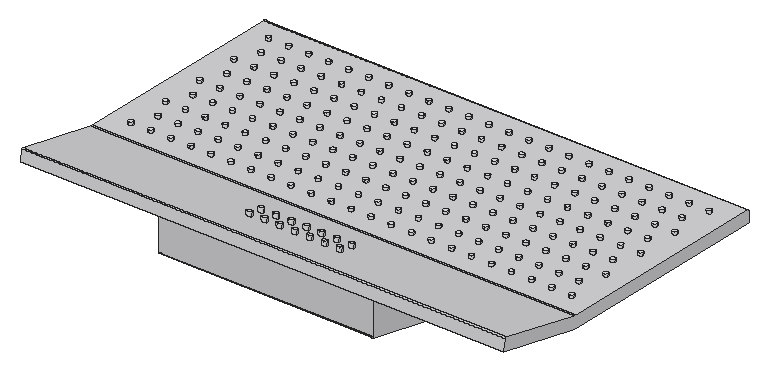
Revit family "Shower-Showerhead-KOHLER-BEITOU-K-22436T_1", category Plumbing Fixtures, host Face, Revit 2017
Family settings
  Host = Face
  Round Connector Dimension = Use Diameter
  Part Type = Normal
  OmniClass Number = 23.31.17.00
  Cut with Voids When Loaded = No
  Shared = No
  Room Calculation Point = No
Parameters (values of type "CP-Polished Chrome")
  Width = 17 183/256"  # constant formula
  WaterSense Certified = 1 = 0  # no
  Waste Water Outlet = "Waste Water Outlet"  # constant formula
  Waste Connection = 1 = 0  # no
  Vent Connection = 1 = 0  # no
  URL = "http://www.kohler.com.cn/"
  Type = 1
  Product Page URL = "https://www.kohler.com.cn/product/K-22436T-L-CP/K-22436T-L-CP/"
  Product Name = "BEITOU"  # constant formula
  Product Documentation Link = "https://files.kohler.com.cn/pdfs/1567066869090_22436T-L%20%E5%AE%89%E8%A3%85%E8%AF%B4%E6%98%8E%E4%B9%A6.pdf"
  Pressure = 0.00 psi
  Panel Thickness = 0"
  Model = "K-22436T-L-CP"  # constant formula
  Material = "Premium Metal Construction"  # constant formula
  Master Format 2014 Name = "Residential Showers"  # constant formula
  Master Format 2014 = "22 42 23"  # constant formula
  Manufacturer Address = "Kohler Beijing Office (100016) 36-2-03-B, No. 88, Liuxiang Road, Beijing"  # constant formula
  Manufacturer = "KOHLER Co."  # constant formula
  Length = 11.1811"  # constant formula
  Hot Water Inlet 1 = "Tempered Water Inlet 1"  # constant formula
  Hot Water Inlet = "Tempered Water Inlet"  # constant formula
  Height = 3.18504"  # constant formula
  HW Connection = 1 = 1  # yes
  Flow Rate = 0 GPM
  Finish = Kohler-Metal-CP-Polished_Chrome
  Environmental Product Declaration = ""
  Drain Included = 1 = 0  # no
  Description = "Manda multifunctional overhead shower"  # constant formula
  Default Elevation = 0"
  Declare Label = ""
  Date Modified = "09/24/2020"  # constant formula
  Date Created = "09/24/2020"  # constant formula
  Copyright = "Copyright KOHLER Co."  # constant formula
  Contact Us = "http://www.kohler.com.cn/contact/contact-us/"
  Cold Water Inlet = "Cold Water Inlet"  # constant formula
  CW Connection = 1 = 0  # no
  Assembly Code = "D2010700"
  ADA Compliant = 1 = 0  # no
Reference planes (in)
  plane 1 "Center (Front/Back)": y = 0
  plane 2: z = 0
  plane 3 "Center (Left/Right)": x = 0
  plane 4: y = 5.59537
  plane 5: x = -8.85827
  plane 6: x = 8.85658
  plane 7: y = -5.58573
  plane 8: z = 3.18504
  plane 9: x = 0.42916
  plane 10: x = -0.42916
  plane 11: x = 0.91076
  plane 12: x = -0.91076
  plane 13: y = 0.40404
  plane 14: y = -0.38336
  plane 15: z = 2.07874
  plane 16: z = 2.51181
  plane 17: z = 0.7874
  plane 18: y = 2.47899
  plane 19: y = -5.39298
  plane 20: x = -3.93701
  plane 21: x = 3.93701
Dimensions and locks (in)
  "Width": plane 5 to plane 6
  "Length": plane 7 to plane 4
  plane 10 to plane 9 = 0.85833"
  plane 13 to plane 14 = 0.7874"
  plane 16 to plane 15 = 0.43307"
  plane 12 to plane 11 = 1.82153"
  "Height": level to plane 8
  aligned and locked: plane 2 to host face
  aligned and locked: level to host face
Automatic sketch dimensions
  host sketch curve to host sketch curve = 96"  (x2)
Nested families (in)
  nested 1: "K-22436T" at (0, 0, 0), type "K-22436T"
Connectors (in)
  piping at (0.42916, 0, 0), diameter 0.5, driven by "HW Connection", driven by "Hot Water Inlet", driven by "Flow Rate"
    settings: on nested 1, index 1, connector inside diameter 24", connector length 0", flow factor 0, pipe flow 0 GPM, pressure drop 0.00 psi, fitting loss kfactor 0, connector angle 0.00°, fixture units 0, engagement length 0", angle of deflection 0.00°, flow configuration 0, flow direction 1, fitting loss method 0, system type 19, joint type 0, gender type 0, connector reference index -1, connector utility 1, adjustable connector no, is connector primary yes, connector description "Tempered Water Inlet"
  piping at (-0.42916, 0, 0), diameter 0.5, driven by "HW Connection", driven by "Hot Water Inlet 1", driven by "Flow Rate"
    settings: on nested 1, index 2, connector inside diameter 24", connector length 0", flow factor 0, pipe flow 0 GPM, pressure drop 0.00 psi, fitting loss kfactor 0, connector angle 0.00°, fixture units 0, engagement length 0", angle of deflection 0.00°, flow configuration 0, flow direction 1, fitting loss method 0, system type 19, joint type 0, gender type 0, connector reference index -1, connector utility 1, adjustable connector no, is connector primary no, connector description "Tempered Water Inlet 1"
Definition of nested family "K-22436T"
  Parameters (values of type "K-22436T")
    Plastic = none
    Material = none
  Reference planes (in)
    plane 1 "Center (Front/Back)": y = 0
    plane 2: z = 0
    plane 3 "Center (Left/Right)": x = 0
    plane 4: x = -8.85827
    plane 5: x = 8.85827
    plane 6: y = -5.58585
    plane 7: y = 5.59537
    plane 8: z = 3.1832
    plane 9: x = -0.91076
    plane 10: x = 0.91076
    plane 11: y = 0.40404
    plane 12: y = -0.38336
    plane 13: x = -0.42916
    plane 14: x = 0.42916
  Forms (in)
    Extrusion 1, solid, material <- "Material", detail levels medium+fine
      sketch origin (0, 0.01033, 0) x (1, 0, 0) y (0, 1, 0)
        loop
          line (0.87093, 0.39371) -> (-0.87173, 0.39371)
          arc (-0.87173, 0.39371) -> (-0.89933, 0.38228) -> (-0.91076, 0.35468) r 0.03904
          line (-0.91076, 0.35468) -> (-0.91076, -0.35562)
          arc (-0.91076, -0.35562) -> (-0.89962, -0.38254) -> (-0.8727, -0.39369) r 0.03807
          line (-0.8727, -0.39369) -> (0.87412, -0.39369)
          arc (0.87412, -0.39369) -> (0.90003, -0.38296) -> (0.91076, -0.35705) r 0.03664
          line (0.91076, -0.35705) -> (0.91076, 0.35388)
          arc (0.91076, 0.35388) -> (0.8991, 0.38204) -> (0.87093, 0.39371) r 0.03984
      from 0 to 0.7874
    Extrusion 2, void
      sketch origin (0, 0, 0) x (1, 0, 0) y (0, 0, 1)
        loop
          circle (-0.00109, 0.39197) r 0.07698
      from -1.53815 to 0.41339
    Extrusion 3, solid, material <- "Material", detail levels medium+fine
      sketch origin (0, 0, 0) x (0, 1, 0) y (0, 0, 1)
        loop
          arc (-5.39318, 1.43738) -> (-5.38463, 1.41323) -> (-5.36279, 1.39985) r 0.03837
          line (-5.36279, 1.39985) -> (-2.70002, 0.83386)
          arc (-2.70002, 0.83386) -> (-2.48023, 0.79905) -> (-2.25801, 0.7874) r 2.12598
          line (-2.25801, 0.7874) -> (2.44016, 0.7874)
          arc (2.44016, 0.7874) -> (2.46762, 0.79877) -> (2.47899, 0.82623) r 0.03883
          line (2.47899, 0.82623) -> (2.47899, 2.07874) -> (-2.26737, 2.07874)
          arc (-2.26737, 2.07874) -> (-2.46228, 2.09516) -> (-2.65169, 2.14395) r 1.16515
          line (-2.65169, 2.14395) -> (-5.39318, 2.72667) -> (-5.39318, 1.43738)
      from -3.93836 to 3.93701
    Extrusion 4, solid, material <- "Material", detail levels medium+fine
      sketch origin (0, 0, 0) x (0, 1, 0) y (0, 0, 1)
        loop
          line (-5.58585, 2.76762) -> (-2.4299, 2.09681)
          arc (-2.4299, 2.09681) -> (-2.345, 2.08336) -> (-2.25916, 2.07886) r 0.82123
          line (-2.25916, 2.07886) -> (5.59538, 2.07874) -> (5.59538, 2.47453)
          arc (5.59538, 2.47453) -> (5.58447, 2.50089) -> (5.55811, 2.51181) r 0.03728
          line (5.55811, 2.51181) -> (-2.26199, 2.51181)
          arc (-2.26199, 2.51181) -> (-2.30314, 2.51397) -> (-2.34385, 2.52041) r 0.3937
          line (-2.34385, 2.52041) -> (-5.45834, 3.18242)
          arc (-5.45834, 3.18242) -> (-5.4873, 3.17705) -> (-5.50398, 3.15278) r 0.03849
          line (-5.50398, 3.15278) -> (-5.58585, 2.76762)
      from -8.85827 to 8.85827
    Extrusion 5, solid, detail levels medium+fine
      sketch origin (0, 0, 0) x (1, 0, 0) y (0, 1, 0)
        loop
          circle (-8.07176, 4.78618) r 0.08401
        loop
          circle (-7.33803, 4.78618) r 0.08401
        loop
          circle (-6.60509, 4.78618) r 0.08401
        loop
          circle (-5.87258, 4.78618) r 0.08401
        loop
          circle (-5.13769, 4.78618) r 0.08401
        loop
          circle (-4.39967, 4.78618) r 0.08401
        loop
          circle (-3.66827, 4.78618) r 0.08401
        loop
          circle (-2.93082, 4.78618) r 0.08401
        loop
          circle (-2.20183, 4.78618) r 0.08401
        loop
          circle (-1.46582, 4.78618) r 0.08401
        loop
          circle (-0.73113, 4.78618) r 0.08401
        loop
          circle (-0.3623, 3.99521) r 0.08401
        loop
          circle (-1.09802, 3.99521) r 0.08401
        loop
          circle (-1.83424, 3.99521) r 0.08401
        loop
          circle (-2.57089, 3.99521) r 0.08401
        loop
          circle (-3.29964, 3.99521) r 0.08401
        loop
          circle (-4.03869, 3.99521) r 0.08401
        loop
          circle (-4.76844, 3.99521) r 0.08401
        loop
          circle (-5.50669, 3.99521) r 0.08401
        loop
          circle (-6.24367, 3.99521) r 0.08401
        loop
          circle (-6.97377, 3.99521) r 0.08401
        loop
          circle (-7.70636, 3.99521) r 0.08401
        loop
          circle (-8.07254, 3.20992) r 0.08401
        loop
          circle (-7.34197, 3.20992) r 0.08401
        loop
          circle (-6.60977, 3.20992) r 0.08401
        loop
          circle (-5.87415, 3.20992) r 0.08401
        loop
          circle (-5.13534, 3.20992) r 0.08401
        loop
          circle (-4.40821, 3.20992) r 0.08401
        loop
          circle (-3.66654, 3.20992) r 0.08401
        loop
          circle (-2.93031, 3.20992) r 0.08401
        loop
          circle (-2.20209, 3.20992) r 0.08401
        loop
          circle (-1.47228, 3.20992) r 0.08401
        loop
          circle (-0.73008, 3.20992) r 0.08401
        loop
          circle (-0.36407, 2.42502) r 0.08401
        loop
          circle (-1.10026, 2.42502) r 0.08401
        loop
          circle (-1.83857, 2.42502) r 0.08401
        loop
          circle (-2.56628, 2.42502) r 0.08401
        loop
          circle (-3.30458, 2.42502) r 0.08401
        loop
          circle (-4.03261, 2.42502) r 0.08401
        loop
          circle (-4.76408, 2.42502) r 0.08401
        loop
          circle (-5.50658, 2.42502) r 0.08401
        loop
          circle (-6.24147, 2.42502) r 0.08401
        loop
          circle (-6.96973, 2.42502) r 0.08401
        loop
          circle (-7.70596, 2.42502) r 0.08401
        loop
          circle (-8.07447, 1.63475) r 0.08401
        loop
          circle (-7.34161, 1.63475) r 0.08401
        loop
          circle (-6.5993, 1.63475) r 0.08401
        loop
          circle (-5.86541, 1.63475) r 0.08401
        loop
          circle (-5.12918, 1.63475) r 0.08401
        loop
          circle (-4.40432, 1.63475) r 0.08401
        loop
          circle (-3.66679, 1.63475) r 0.08401
        loop
          circle (-2.93557, 1.63475) r 0.08401
        loop
          circle (-2.20126, 1.63475) r 0.08401
        loop
          circle (-1.4657, 1.63475) r 0.08401
        loop
          circle (-0.73216, 1.63475) r 0.08401
        loop
          circle (-0.36465, 0.84663) r 0.08401
        loop
          circle (-1.10172, 0.84663) r 0.08401
        loop
          circle (-1.83909, 0.84663) r 0.08401
        loop
          circle (-2.56413, 0.84663) r 0.08401
        loop
          circle (-3.30244, 0.84663) r 0.08401
        loop
          circle (-4.02967, 0.84663) r 0.08401
        loop
          circle (-4.76983, 0.84663) r 0.08401
        loop
          circle (-5.50582, 0.84663) r 0.08401
        loop
          circle (-6.24033, 0.84663) r 0.08401
        loop
          circle (-6.96602, 0.84663) r 0.08401
        loop
          circle (-7.69501, 0.84663) r 0.08401
        loop
          circle (-8.06182, 0.06) r 0.08401
        loop
          circle (-7.33103, 0.06) r 0.08401
        loop
          circle (-6.60464, 0.06) r 0.08401
        loop
          circle (-5.87286, 0.06) r 0.08401
        loop
          circle (-5.13866, 0.06) r 0.08401
        loop
          circle (-4.39667, 0.06) r 0.08401
        loop
          circle (-3.66521, 0.06) r 0.08401
        loop
          circle (-2.93234, 0.06) r 0.08401
        loop
          circle (-2.19822, 0.06) r 0.08401
        loop
          circle (-1.46995, 0.06) r 0.08401
        loop
          circle (-0.73077, 0.06) r 0.08401
        loop
          circle (-0.36294, -0.72881) r 0.08401
        loop
          circle (-1.09815, -0.72881) r 0.08401
        loop
          circle (-1.83391, -0.72881) r 0.08401
        loop
          circle (-2.56881, -0.72881) r 0.08401
        loop
          circle (-3.30228, -0.72881) r 0.08401
        loop
          circle (-4.03305, -0.72881) r 0.08401
        loop
          circle (-4.77088, -0.72881) r 0.08401
        loop
          circle (-5.50197, -0.72881) r 0.08401
        loop
          circle (-6.24329, -0.72881) r 0.08401
        loop
          circle (-6.96787, -0.72881) r 0.08401
        loop
          circle (-7.70721, -0.72881) r 0.08401
        loop
          circle (-8.07341, -1.51412) r 0.08401
        loop
          circle (-7.33733, -1.51412) r 0.08401
        loop
          circle (-6.60454, -1.51412) r 0.08401
        loop
          circle (-5.86762, -1.51412) r 0.08401
        loop
          circle (-5.13868, -1.51412) r 0.08401
        loop
          circle (-4.4036, -1.51412) r 0.08401
        loop
          circle (-3.6713, -1.51412) r 0.08401
        loop
          circle (-2.93232, -1.51412) r 0.08401
        loop
          circle (-2.20693, -1.51412) r 0.08401
        loop
          circle (-1.46454, -1.51412) r 0.08401
        loop
          circle (-0.73047, -1.51412) r 0.08401
        loop
          circle (8.07176, 4.78618) r 0.08401
        loop
          circle (7.33803, 4.78618) r 0.08401
        loop
          circle (6.60509, 4.78618) r 0.08401
        loop
          circle (5.87258, 4.78618) r 0.08401
        loop
          circle (5.13769, 4.78618) r 0.08401
        loop
          circle (4.39967, 4.78618) r 0.08401
        loop
          circle (3.66827, 4.78618) r 0.08401
        loop
          circle (2.93082, 4.78618) r 0.08401
        loop
          circle (2.20183, 4.78618) r 0.08401
        loop
          circle (1.46582, 4.78618) r 0.08401
        loop
          circle (0.73113, 4.78618) r 0.08401
        loop
          circle (0.3623, 3.99521) r 0.08401
        loop
          circle (1.09802, 3.99521) r 0.08401
        loop
          circle (1.83424, 3.99521) r 0.08401
        loop
          circle (2.57089, 3.99521) r 0.08401
        loop
          circle (3.29964, 3.99521) r 0.08401
        loop
          circle (4.03869, 3.99521) r 0.08401
        loop
          circle (4.76844, 3.99521) r 0.08401
        loop
          circle (5.50669, 3.99521) r 0.08401
        loop
          circle (6.24367, 3.99521) r 0.08401
        loop
          circle (6.97377, 3.99521) r 0.08401
        loop
          circle (7.70636, 3.99521) r 0.08401
        loop
          circle (8.07254, 3.20992) r 0.08401
        loop
          circle (7.34197, 3.20992) r 0.08401
        loop
          circle (6.60977, 3.20992) r 0.08401
        loop
          circle (5.87415, 3.20992) r 0.08401
        loop
          circle (5.13534, 3.20992) r 0.08401
        loop
          circle (4.40821, 3.20992) r 0.08401
        loop
          circle (3.66654, 3.20992) r 0.08401
        loop
          circle (2.93031, 3.20992) r 0.08401
        loop
          circle (2.20209, 3.20992) r 0.08401
        loop
          circle (1.47228, 3.20992) r 0.08401
        loop
          circle (0.73008, 3.20992) r 0.08401
        loop
          circle (0.36407, 2.42502) r 0.08401
        loop
          circle (1.10026, 2.42502) r 0.08401
        loop
          circle (1.83857, 2.42502) r 0.08401
        loop
          circle (2.56628, 2.42502) r 0.08401
        loop
          circle (3.30458, 2.42502) r 0.08401
        loop
          circle (4.03261, 2.42502) r 0.08401
        loop
          circle (4.76408, 2.42502) r 0.08401
        loop
          circle (5.50658, 2.42502) r 0.08401
        loop
          circle (6.24147, 2.42502) r 0.08401
        loop
          circle (6.96973, 2.42502) r 0.08401
        loop
          circle (7.70596, 2.42502) r 0.08401
        loop
          circle (8.07447, 1.63475) r 0.08401
        loop
          circle (7.34161, 1.63475) r 0.08401
        loop
          circle (6.5993, 1.63475) r 0.08401
        loop
          circle (5.86541, 1.63475) r 0.08401
        loop
          circle (5.12918, 1.63475) r 0.08401
        loop
          circle (4.40432, 1.63475) r 0.08401
        loop
          circle (3.66679, 1.63475) r 0.08401
        loop
          circle (2.93557, 1.63475) r 0.08401
        loop
          circle (2.20126, 1.63475) r 0.08401
        loop
          circle (1.4657, 1.63475) r 0.08401
        loop
          circle (0.73216, 1.63475) r 0.08401
        loop
          circle (0.36465, 0.84663) r 0.08401
        loop
          circle (1.10172, 0.84663) r 0.08401
        loop
          circle (1.83909, 0.84663) r 0.08401
        loop
          circle (2.56413, 0.84663) r 0.08401
        loop
          circle (3.30244, 0.84663) r 0.08401
        loop
          circle (4.02967, 0.84663) r 0.08401
        loop
          circle (4.76983, 0.84663) r 0.08401
        loop
          circle (5.50582, 0.84663) r 0.08401
        loop
          circle (6.24033, 0.84663) r 0.08401
        loop
          circle (6.96602, 0.84663) r 0.08401
        loop
          circle (7.69501, 0.84663) r 0.08401
        loop
          circle (8.06182, 0.06) r 0.08401
        loop
          circle (7.33103, 0.06) r 0.08401
        loop
          circle (6.60464, 0.06) r 0.08401
        loop
          circle (5.87286, 0.06) r 0.08401
        loop
          circle (5.13866, 0.06) r 0.08401
        loop
          circle (4.39667, 0.06) r 0.08401
        loop
          circle (3.66521, 0.06) r 0.08401
        loop
          circle (2.93234, 0.06) r 0.08401
        loop
          circle (2.19822, 0.06) r 0.08401
        loop
          circle (1.46995, 0.06) r 0.08401
        loop
          circle (0.73077, 0.06) r 0.08401
        loop
          circle (0.36294, -0.72881) r 0.08401
        loop
          circle (1.09815, -0.72881) r 0.08401
        loop
          circle (1.83391, -0.72881) r 0.08401
        loop
          circle (2.56881, -0.72881) r 0.08401
        loop
          circle (3.30228, -0.72881) r 0.08401
        loop
          circle (4.03305, -0.72881) r 0.08401
        loop
          circle (4.77088, -0.72881) r 0.08401
        loop
          circle (5.50197, -0.72881) r 0.08401
        loop
          circle (6.24329, -0.72881) r 0.08401
        loop
          circle (6.96787, -0.72881) r 0.08401
        loop
          circle (7.70721, -0.72881) r 0.08401
        loop
          circle (8.07341, -1.51412) r 0.08401
        loop
          circle (7.33733, -1.51412) r 0.08401
        loop
          circle (6.60454, -1.51412) r 0.08401
        loop
          circle (5.86762, -1.51412) r 0.08401
        loop
          circle (5.13868, -1.51412) r 0.08401
        loop
          circle (4.4036, -1.51412) r 0.08401
        loop
          circle (3.6713, -1.51412) r 0.08401
        loop
          circle (2.93232, -1.51412) r 0.08401
        loop
          circle (2.20693, -1.51412) r 0.08401
        loop
          circle (1.46454, -1.51412) r 0.08401
        loop
          circle (0.73047, -1.51412) r 0.08401
        loop
          circle (0, 4.78618) r 0.08401
        loop
          circle (0, 3.21138) r 0.08401
        loop
          circle (0, 1.63657) r 0.08401
        loop
          circle (0, 0.06177) r 0.08401
        loop
          circle (0, -1.51303) r 0.08401
      from 2.32516 to 2.57917
    Extrusion 6, solid, detail levels medium+fine
      sketch origin (0, 0, 0) x (1, 0, 0) y (0, 1, 0)
        loop
          circle (-1.65481, -3.56496) r 0.08897
        loop
          circle (-1.10749, -3.56496) r 0.08897
        loop
          circle (-0.54663, -3.56496) r 0.08897
        loop
          circle (0, -3.56496) r 0.08897
        loop
          circle (1.65481, -3.56496) r 0.08897
        loop
          circle (1.10749, -3.56496) r 0.08897
        loop
          circle (0.54663, -3.56496) r 0.08897
        loop
          circle (-1.65481, -4.10718) r 0.08897
        loop
          circle (-1.10224, -4.10718) r 0.08897
        loop
          circle (-0.55267, -4.10718) r 0.08897
        loop
          circle (0, -4.10718) r 0.08897
        loop
          circle (1.65481, -4.10718) r 0.08897
        loop
          circle (1.10224, -4.10718) r 0.08897
        loop
          circle (0.55267, -4.10718) r 0.08897
      from 2.57917 to 3.40291
    Extrusion 7, void
      sketch origin (0, 0, 0) x (0, 1, 0) y (0, 0, 1)
        loop
          line (-3.31273, 2.86874) -> (-3.0682, 4.01916) -> (-4.82588, 4.39277) -> (-5.03024, 3.23381) -> (-3.31273, 2.86874)
      from -2.86515 to 3.20704
    Extrusion 8, solid, material <- "Material", detail levels coarse
      sketch origin (0, 0, 0) x (1, 0, 0) y (0, 0, 1)
        loop
          line (0, 0) -> (1.08793, 0) -> (1.08793, 0.92933) -> (-1.07742, 0.92933) -> (-1.07742, 0) -> (0, 0)
      from -0.46207 to 0.46673
    Extrusion 9, solid, material <- "Material", detail levels coarse
      sketch origin (0, 0, 0) x (0, 1, 0) y (0, 0, 1)
        loop
          line (2.75591, 0.7874) -> (2.75591, 2.09681) -> (-2.4299, 2.09681) -> (-5.58585, 2.76762) -> (-5.58585, 1.30744) -> (-3.13927, 0.7874) -> (2.75591, 0.7874)
      from -4.58433 to 4.66971
    Extrusion 10, solid, material <- "Material", detail levels coarse
      sketch origin (0, 0, 0) x (0, 1, 0) y (0, 0, 1)
        loop
          line (6.02832, 2.07874) -> (6.02832, 2.65639) -> (-2.3527, 2.65639) -> (-5.92987, 3.41674) -> (-6.05265, 2.83909) -> (-2.47548, 2.07874) -> (6.02832, 2.07874)
      from -9.45613 to 9.54138
    Extrusion 11, solid, material <- "Material", detail levels medium+fine
      sketch origin (0, 0, 0) x (1, 0, 0) y (0, 1, 0)
        loop
          circle (-0.42916, 0) r 0.29528
      from 0 to 0.70029
    Extrusion 12, solid, material <- "Material", detail levels medium+fine
      sketch origin (0, 0, 0) x (-1, 0, 0) y (0, -1, 0)
        loop
          circle (-0.42916, 0) r 0.29528
      from 0 to 0.70029
  Cuts and joins
    Extrusion 2 cuts Extrusion 1
    joined: Extrusion 1, Extrusion 3
    Extrusion 7 cuts Extrusion 4
    joined: Extrusion 4, Extrusion 11, Extrusion 12
    Extrusion 7 cuts Extrusion 6
    joined: Extrusion 8, Extrusion 9, Extrusion 10
  Lines and regions (in)
    Masking region 1
      outline origin (0, 0, 0) x (1, 0, 0) y (0, 1, 0)
        loop
          line (8.85827, 5.59538) -> (-8.85827, 5.59538) -> (-8.85827, -5.58585) -> (8.85827, -5.58585) -> (8.85827, 5.59538)
    Masking region 2
      outline origin (0, 0, 0) x (0, 1, 0) y (0, 0, 1)
        loop
          line (-0.38336, 0) -> (0.40404, 0) -> (0.40404, 0.7874) -> (2.44016, 0.7874)
          arc (2.44016, 0.7874) -> (2.46762, 0.79877) -> (2.47899, 0.82623) r 0.03883
          line (2.47899, 0.82623) -> (2.47899, 2.07874) -> (5.59538, 2.07874) -> (5.59538, 2.47453)
          arc (5.59538, 2.47453) -> (5.58447, 2.50089) -> (5.55811, 2.51181) r 0.03728
          line (5.55811, 2.51181) -> (4.87016, 2.51181) -> (4.87016, 2.57917) -> (4.70217, 2.57917) -> (4.70217, 2.51181) -> (4.07926, 2.51181) -> (4.07926, 2.57917) -> (3.9112, 2.57917) -> (3.9112, 2.51181) -> (3.29546, 2.51181) -> (3.29546, 2.57917) -> (3.12591, 2.57917) -> (3.12591, 2.51181) -> (2.50905, 2.51181) -> (2.50905, 2.57917) -> (2.34101, 2.57917) -> (2.34101, 2.51181) -> (1.72065, 2.51181) -> (1.72065, 2.57917) -> (1.55074, 2.57917) -> (1.55074, 2.51181) -> (0.93065, 2.51181) -> (0.93065, 2.57917) -> (0.76261, 2.57917) -> (0.76261, 2.51181) -> (0.14581, 2.51181) -> (0.14581, 2.57917) -> (-0.02402, 2.57917) -> (-0.02402, 2.51181) -> (-0.64483, 2.51181) -> (-0.64483, 2.57917) -> (-0.81282, 2.57917) -> (-0.81282, 2.51181) -> (-1.429, 2.51181) -> (-1.429, 2.57917) -> (-1.59813, 2.57917) -> (-1.59813, 2.51181) -> (-2.26199, 2.51181)
          arc (-2.26199, 2.51181) -> (-2.30314, 2.51397) -> (-2.34385, 2.52041) r 0.3937
          line (-2.34385, 2.52041) -> (-3.47587, 2.76103) -> (-3.47587, 2.90342) -> (-3.65371, 2.94122) -> (-3.65371, 2.79883) -> (-4.01829, 2.87633) -> (-4.01829, 3.01871) -> (-4.19592, 3.05647) -> (-4.19592, 2.91409) -> (-5.45834, 3.18242)
          arc (-5.45834, 3.18242) -> (-5.4873, 3.17705) -> (-5.50398, 3.15278) r 0.03849
          line (-5.50398, 3.15278) -> (-5.58585, 2.76762) -> (-5.39318, 2.72667) -> (-5.39318, 1.43738)
          arc (-5.39318, 1.43738) -> (-5.38463, 1.41323) -> (-5.36279, 1.39985) r 0.03837
          line (-5.36279, 1.39985) -> (-2.70002, 0.83386)
          arc (-2.70002, 0.83386) -> (-2.48023, 0.79905) -> (-2.25801, 0.7874) r 2.12598
          line (-2.25801, 0.7874) -> (-0.38336, 0.7874) -> (-0.38336, 0)
    Masking region 3
      outline origin (0, 0, 0) x (1, 0, 0) y (0, 0, 1)
        loop
          line (0, 0) -> (0.91076, 0) -> (0.91076, 0.7874) -> (3.93701, 0.7874) -> (3.93701, 2.07874) -> (8.85827, 2.07874) -> (8.85827, 3.18326) -> (0, 3.18326) -> (-8.85827, 3.18326) -> (-8.85827, 2.07874) -> (-3.93701, 2.07874) -> (-3.93701, 0.7874) -> (-0.91076, 0.7874) -> (-0.91076, 0) -> (0, 0)
    symbolic lines, detail levels medium+fine
      curve 1: arc (-8.15578, 4.78618, 0) -> (-8.07176, 4.70217, 0) -> (-7.98775, 4.78618, 0) r 0.08401
      curve 2: arc (-7.98775, 4.78618, 0) -> (-8.07176, 4.87019, 0) -> (-8.15578, 4.78618, 0) r 0.08401
      curve 3: arc (-7.25402, 4.78618, 0) -> (-7.33803, 4.87019, 0) -> (-7.42204, 4.78618, 0) r 0.08401
      curve 4: arc (-7.42204, 4.78618, 0) -> (-7.33803, 4.70217, 0) -> (-7.25402, 4.78618, 0) r 0.08401
      curve 5: arc (-6.52108, 4.78618, 0) -> (-6.60509, 4.87019, 0) -> (-6.68911, 4.78618, 0) r 0.08401
      curve 6: arc (-6.68911, 4.78618, 0) -> (-6.60509, 4.70217, 0) -> (-6.52108, 4.78618, 0) r 0.08401
      curve 7: arc (-5.78856, 4.78618, 0) -> (-5.87258, 4.87019, 0) -> (-5.95659, 4.78618, 0) r 0.08401
      curve 8: arc (-5.95659, 4.78618, 0) -> (-5.87258, 4.70217, 0) -> (-5.78856, 4.78618, 0) r 0.08401
      curve 9: arc (-5.05368, 4.78618, 0) -> (-5.13769, 4.87019, 0) -> (-5.2217, 4.78618, 0) r 0.08401
      curve 10: arc (-5.2217, 4.78618, 0) -> (-5.13769, 4.70217, 0) -> (-5.05368, 4.78618, 0) r 0.08401
      curve 11: arc (-4.31566, 4.78618, 0) -> (-4.39967, 4.87019, 0) -> (-4.48368, 4.78618, 0) r 0.08401
      curve 12: arc (-4.48368, 4.78618, 0) -> (-4.39967, 4.70217, 0) -> (-4.31566, 4.78618, 0) r 0.08401
      curve 13: arc (-3.58426, 4.78618, 0) -> (-3.66827, 4.87019, 0) -> (-3.75228, 4.78618, 0) r 0.08401
      curve 14: arc (-3.75228, 4.78618, 0) -> (-3.66827, 4.70217, 0) -> (-3.58426, 4.78618, 0) r 0.08401
      curve 15: arc (-2.84681, 4.78618, 0) -> (-2.93082, 4.87019, 0) -> (-3.01484, 4.78618, 0) r 0.08401
      curve 16: arc (-3.01484, 4.78618, 0) -> (-2.93082, 4.70217, 0) -> (-2.84681, 4.78618, 0) r 0.08401
      curve 17: arc (-2.11782, 4.78618, 0) -> (-2.20183, 4.87019, 0) -> (-2.28584, 4.78618, 0) r 0.08401
      curve 18: arc (-2.28584, 4.78618, 0) -> (-2.20183, 4.70217, 0) -> (-2.11782, 4.78618, 0) r 0.08401
      curve 19: arc (-1.38181, 4.78618, 0) -> (-1.46582, 4.87019, 0) -> (-1.54984, 4.78618, 0) r 0.08401
      curve 20: arc (-1.54984, 4.78618, 0) -> (-1.46582, 4.70217, 0) -> (-1.38181, 4.78618, 0) r 0.08401
      curve 21: arc (-0.64712, 4.78618, 0) -> (-0.73113, 4.87019, 0) -> (-0.81514, 4.78618, 0) r 0.08401
      curve 22: arc (-0.81514, 4.78618, 0) -> (-0.73113, 4.70217, 0) -> (-0.64712, 4.78618, 0) r 0.08401
      curve 23: arc (-0.27828, 3.99521, 0) -> (-0.3623, 4.07922, 0) -> (-0.44631, 3.99521, 0) r 0.08401
      curve 24: arc (-0.44631, 3.99521, 0) -> (-0.3623, 3.9112, 0) -> (-0.27828, 3.99521, 0) r 0.08401
      curve 25: arc (-1.01401, 3.99521, 0) -> (-1.09802, 4.07922, 0) -> (-1.18203, 3.99521, 0) r 0.08401
      curve 26: arc (-1.18203, 3.99521, 0) -> (-1.09802, 3.9112, 0) -> (-1.01401, 3.99521, 0) r 0.08401
      curve 27: arc (-1.75023, 3.99521, 0) -> (-1.83424, 4.07922, 0) -> (-1.91825, 3.99521, 0) r 0.08401
      curve 28: arc (-1.91825, 3.99521, 0) -> (-1.83424, 3.9112, 0) -> (-1.75023, 3.99521, 0) r 0.08401
      curve 29: arc (-2.48688, 3.99521, 0) -> (-2.57089, 4.07922, 0) -> (-2.6549, 3.99521, 0) r 0.08401
      curve 30: arc (-2.6549, 3.99521, 0) -> (-2.57089, 3.9112, 0) -> (-2.48688, 3.99521, 0) r 0.08401
      curve 31: arc (-3.21563, 3.99521, 0) -> (-3.29964, 4.07922, 0) -> (-3.38365, 3.99521, 0) r 0.08401
      curve 32: arc (-3.38365, 3.99521, 0) -> (-3.29964, 3.9112, 0) -> (-3.21563, 3.99521, 0) r 0.08401
      curve 33: arc (-3.95468, 3.99521, 0) -> (-4.03869, 4.07922, 0) -> (-4.1227, 3.99521, 0) r 0.08401
      curve 34: arc (-4.1227, 3.99521, 0) -> (-4.03869, 3.9112, 0) -> (-3.95468, 3.99521, 0) r 0.08401
      curve 35: arc (-4.68442, 3.99521, 0) -> (-4.76844, 4.07922, 0) -> (-4.85245, 3.99521, 0) r 0.08401
      curve 36: arc (-4.85245, 3.99521, 0) -> (-4.76844, 3.9112, 0) -> (-4.68442, 3.99521, 0) r 0.08401
      curve 37: arc (-5.42268, 3.99521, 0) -> (-5.50669, 4.07922, 0) -> (-5.5907, 3.99521, 0) r 0.08401
      curve 38: arc (-5.5907, 3.99521, 0) -> (-5.50669, 3.9112, 0) -> (-5.42268, 3.99521, 0) r 0.08401
      curve 39: arc (-6.15966, 3.99521, 0) -> (-6.24367, 4.07922, 0) -> (-6.32769, 3.99521, 0) r 0.08401
      curve 40: arc (-6.32769, 3.99521, 0) -> (-6.24367, 3.9112, 0) -> (-6.15966, 3.99521, 0) r 0.08401
      curve 41: arc (-6.88976, 3.99521, 0) -> (-6.97377, 4.07922, 0) -> (-7.05778, 3.99521, 0) r 0.08401
      curve 42: arc (-7.05778, 3.99521, 0) -> (-6.97377, 3.9112, 0) -> (-6.88976, 3.99521, 0) r 0.08401
      curve 43: arc (-7.62235, 3.99521, 0) -> (-7.70636, 4.07922, 0) -> (-7.79037, 3.99521, 0) r 0.08401
      curve 44: arc (-7.79037, 3.99521, 0) -> (-7.70636, 3.9112, 0) -> (-7.62235, 3.99521, 0) r 0.08401
      curve 45: arc (-7.98853, 3.20992, 0) -> (-8.07254, 3.29394, 0) -> (-8.15655, 3.20992, 0) r 0.08401
      curve 46: arc (-8.15655, 3.20992, 0) -> (-8.07254, 3.12591, 0) -> (-7.98853, 3.20992, 0) r 0.08401
      curve 47: arc (-7.25796, 3.20992, 0) -> (-7.34197, 3.29394, 0) -> (-7.42599, 3.20992, 0) r 0.08401
      curve 48: arc (-7.42599, 3.20992, 0) -> (-7.34197, 3.12591, 0) -> (-7.25796, 3.20992, 0) r 0.08401
      curve 49: arc (-6.52576, 3.20992, 0) -> (-6.60977, 3.29394, 0) -> (-6.69378, 3.20992, 0) r 0.08401
      curve 50: arc (-6.69378, 3.20992, 0) -> (-6.60977, 3.12591, 0) -> (-6.52576, 3.20992, 0) r 0.08401
      curve 51: arc (-5.79014, 3.20992, 0) -> (-5.87415, 3.29394, 0) -> (-5.95816, 3.20992, 0) r 0.08401
      curve 52: arc (-5.95816, 3.20992, 0) -> (-5.87415, 3.12591, 0) -> (-5.79014, 3.20992, 0) r 0.08401
      curve 53: arc (-5.05133, 3.20992, 0) -> (-5.13534, 3.29394, 0) -> (-5.21936, 3.20992, 0) r 0.08401
      curve 54: arc (-5.21936, 3.20992, 0) -> (-5.13534, 3.12591, 0) -> (-5.05133, 3.20992, 0) r 0.08401
      curve 55: arc (-4.3242, 3.20992, 0) -> (-4.40821, 3.29394, 0) -> (-4.49222, 3.20992, 0) r 0.08401
      curve 56: arc (-4.49222, 3.20992, 0) -> (-4.40821, 3.12591, 0) -> (-4.3242, 3.20992, 0) r 0.08401
      curve 57: arc (-3.58252, 3.20992, 0) -> (-3.66654, 3.29394, 0) -> (-3.75055, 3.20992, 0) r 0.08401
      curve 58: arc (-3.75055, 3.20992, 0) -> (-3.66654, 3.12591, 0) -> (-3.58252, 3.20992, 0) r 0.08401
      curve 59: arc (-2.84629, 3.20992, 0) -> (-2.93031, 3.29394, 0) -> (-3.01432, 3.20992, 0) r 0.08401
      curve 60: arc (-3.01432, 3.20992, 0) -> (-2.93031, 3.12591, 0) -> (-2.84629, 3.20992, 0) r 0.08401
      curve 61: arc (-2.11808, 3.20992, 0) -> (-2.20209, 3.29394, 0) -> (-2.2861, 3.20992, 0) r 0.08401
      curve 62: arc (-2.2861, 3.20992, 0) -> (-2.20209, 3.12591, 0) -> (-2.11808, 3.20992, 0) r 0.08401
      curve 63: arc (-1.38826, 3.20992, 0) -> (-1.47228, 3.29394, 0) -> (-1.55629, 3.20992, 0) r 0.08401
      curve 64: arc (-1.55629, 3.20992, 0) -> (-1.47228, 3.12591, 0) -> (-1.38826, 3.20992, 0) r 0.08401
      curve 65: arc (-0.64607, 3.20992, 0) -> (-0.73008, 3.29394, 0) -> (-0.81409, 3.20992, 0) r 0.08401
      curve 66: arc (-0.81409, 3.20992, 0) -> (-0.73008, 3.12591, 0) -> (-0.64607, 3.20992, 0) r 0.08401
      curve 67: arc (-0.28006, 2.42502, 0) -> (-0.36407, 2.50903, 0) -> (-0.44808, 2.42502, 0) r 0.08401
      curve 68: arc (-0.44808, 2.42502, 0) -> (-0.36407, 2.34101, 0) -> (-0.28006, 2.42502, 0) r 0.08401
      curve 69: arc (-1.01625, 2.42502, 0) -> (-1.10026, 2.50903, 0) -> (-1.18428, 2.42502, 0) r 0.08401
      curve 70: arc (-1.18428, 2.42502, 0) -> (-1.10026, 2.34101, 0) -> (-1.01625, 2.42502, 0) r 0.08401
      curve 71: arc (-1.75455, 2.42502, 0) -> (-1.83857, 2.50903, 0) -> (-1.92258, 2.42502, 0) r 0.08401
      curve 72: arc (-1.92258, 2.42502, 0) -> (-1.83857, 2.34101, 0) -> (-1.75455, 2.42502, 0) r 0.08401
      curve 73: arc (-2.48227, 2.42502, 0) -> (-2.56628, 2.50903, 0) -> (-2.65029, 2.42502, 0) r 0.08401
      curve 74: arc (-2.65029, 2.42502, 0) -> (-2.56628, 2.34101, 0) -> (-2.48227, 2.42502, 0) r 0.08401
      curve 75: arc (-3.22057, 2.42502, 0) -> (-3.30458, 2.50903, 0) -> (-3.38859, 2.42502, 0) r 0.08401
      curve 76: arc (-3.38859, 2.42502, 0) -> (-3.30458, 2.34101, 0) -> (-3.22057, 2.42502, 0) r 0.08401
      curve 77: arc (-3.9486, 2.42502, 0) -> (-4.03261, 2.50903, 0) -> (-4.11662, 2.42502, 0) r 0.08401
      curve 78: arc (-4.11662, 2.42502, 0) -> (-4.03261, 2.34101, 0) -> (-3.9486, 2.42502, 0) r 0.08401
      curve 79: arc (-4.68007, 2.42502, 0) -> (-4.76408, 2.50903, 0) -> (-4.84809, 2.42502, 0) r 0.08401
      curve 80: arc (-4.84809, 2.42502, 0) -> (-4.76408, 2.34101, 0) -> (-4.68007, 2.42502, 0) r 0.08401
      curve 81: arc (-5.42257, 2.42502, 0) -> (-5.50658, 2.50903, 0) -> (-5.5906, 2.42502, 0) r 0.08401
      curve 82: arc (-5.5906, 2.42502, 0) -> (-5.50658, 2.34101, 0) -> (-5.42257, 2.42502, 0) r 0.08401
      curve 83: arc (-6.15746, 2.42502, 0) -> (-6.24147, 2.50903, 0) -> (-6.32548, 2.42502, 0) r 0.08401
      curve 84: arc (-6.32548, 2.42502, 0) -> (-6.24147, 2.34101, 0) -> (-6.15746, 2.42502, 0) r 0.08401
      curve 85: arc (-6.88572, 2.42502, 0) -> (-6.96973, 2.50903, 0) -> (-7.05375, 2.42502, 0) r 0.08401
      curve 86: arc (-7.05375, 2.42502, 0) -> (-6.96973, 2.34101, 0) -> (-6.88572, 2.42502, 0) r 0.08401
      curve 87: arc (-7.62195, 2.42502, 0) -> (-7.70596, 2.50903, 0) -> (-7.78998, 2.42502, 0) r 0.08401
      curve 88: arc (-7.78998, 2.42502, 0) -> (-7.70596, 2.34101, 0) -> (-7.62195, 2.42502, 0) r 0.08401
      curve 89: arc (-7.99046, 1.63475, 0) -> (-8.07447, 1.71877, 0) -> (-8.15848, 1.63475, 0) r 0.08401
      curve 90: arc (-8.15848, 1.63475, 0) -> (-8.07447, 1.55074, 0) -> (-7.99046, 1.63475, 0) r 0.08401
      curve 91: arc (-7.2576, 1.63475, 0) -> (-7.34161, 1.71877, 0) -> (-7.42563, 1.63475, 0) r 0.08401
      curve 92: arc (-7.42563, 1.63475, 0) -> (-7.34161, 1.55074, 0) -> (-7.2576, 1.63475, 0) r 0.08401
      curve 93: arc (-6.51529, 1.63475, 0) -> (-6.5993, 1.71877, 0) -> (-6.68331, 1.63475, 0) r 0.08401
      curve 94: arc (-6.68331, 1.63475, 0) -> (-6.5993, 1.55074, 0) -> (-6.51529, 1.63475, 0) r 0.08401
      curve 95: arc (-5.78139, 1.63475, 0) -> (-5.86541, 1.71877, 0) -> (-5.94942, 1.63475, 0) r 0.08401
      curve 96: arc (-5.94942, 1.63475, 0) -> (-5.86541, 1.55074, 0) -> (-5.78139, 1.63475, 0) r 0.08401
      curve 97: arc (-5.04516, 1.63475, 0) -> (-5.12918, 1.71877, 0) -> (-5.21319, 1.63475, 0) r 0.08401
      curve 98: arc (-5.21319, 1.63475, 0) -> (-5.12918, 1.55074, 0) -> (-5.04516, 1.63475, 0) r 0.08401
      curve 99: arc (-4.32031, 1.63475, 0) -> (-4.40432, 1.71877, 0) -> (-4.48833, 1.63475, 0) r 0.08401
      curve 100: arc (-4.48833, 1.63475, 0) -> (-4.40432, 1.55074, 0) -> (-4.32031, 1.63475, 0) r 0.08401
      curve 101: arc (-3.58278, 1.63475, 0) -> (-3.66679, 1.71877, 0) -> (-3.75081, 1.63475, 0) r 0.08401
      curve 102: arc (-3.75081, 1.63475, 0) -> (-3.66679, 1.55074, 0) -> (-3.58278, 1.63475, 0) r 0.08401
      curve 103: arc (-2.85156, 1.63475, 0) -> (-2.93557, 1.71877, 0) -> (-3.01958, 1.63475, 0) r 0.08401
      curve 104: arc (-3.01958, 1.63475, 0) -> (-2.93557, 1.55074, 0) -> (-2.85156, 1.63475, 0) r 0.08401
      curve 105: arc (-2.11725, 1.63475, 0) -> (-2.20126, 1.71877, 0) -> (-2.28527, 1.63475, 0) r 0.08401
      curve 106: arc (-2.28527, 1.63475, 0) -> (-2.20126, 1.55074, 0) -> (-2.11725, 1.63475, 0) r 0.08401
      curve 107: arc (-1.38169, 1.63475, 0) -> (-1.4657, 1.71877, 0) -> (-1.54971, 1.63475, 0) r 0.08401
      curve 108: arc (-1.54971, 1.63475, 0) -> (-1.4657, 1.55074, 0) -> (-1.38169, 1.63475, 0) r 0.08401
      curve 109: arc (-0.64814, 1.63475, 0) -> (-0.73216, 1.71877, 0) -> (-0.81617, 1.63475, 0) r 0.08401
      curve 110: arc (-0.81617, 1.63475, 0) -> (-0.73216, 1.55074, 0) -> (-0.64814, 1.63475, 0) r 0.08401
      curve 111: arc (-0.28063, 0.84663, 0) -> (-0.36465, 0.93064, 0) -> (-0.44866, 0.84663, 0) r 0.08401
      curve 112: arc (-0.44866, 0.84663, 0) -> (-0.36465, 0.76261, 0) -> (-0.28063, 0.84663, 0) r 0.08401
      curve 113: arc (-1.01771, 0.84663, 0) -> (-1.10172, 0.93064, 0) -> (-1.18573, 0.84663, 0) r 0.08401
      curve 114: arc (-1.18573, 0.84663, 0) -> (-1.10172, 0.76261, 0) -> (-1.01771, 0.84663, 0) r 0.08401
      curve 115: arc (-1.75508, 0.84663, 0) -> (-1.83909, 0.93064, 0) -> (-1.92311, 0.84663, 0) r 0.08401
      curve 116: arc (-1.92311, 0.84663, 0) -> (-1.83909, 0.76261, 0) -> (-1.75508, 0.84663, 0) r 0.08401
      curve 117: arc (-2.48012, 0.84663, 0) -> (-2.56413, 0.93064, 0) -> (-2.64815, 0.84663, 0) r 0.08401
      curve 118: arc (-2.64815, 0.84663, 0) -> (-2.56413, 0.76261, 0) -> (-2.48012, 0.84663, 0) r 0.08401
      curve 119: arc (-3.21842, 0.84663, 0) -> (-3.30244, 0.93064, 0) -> (-3.38645, 0.84663, 0) r 0.08401
      curve 120: arc (-3.38645, 0.84663, 0) -> (-3.30244, 0.76261, 0) -> (-3.21842, 0.84663, 0) r 0.08401
      curve 121: arc (-3.94566, 0.84663, 0) -> (-4.02967, 0.93064, 0) -> (-4.11368, 0.84663, 0) r 0.08401
      curve 122: arc (-4.11368, 0.84663, 0) -> (-4.02967, 0.76261, 0) -> (-3.94566, 0.84663, 0) r 0.08401
      curve 123: arc (-4.68582, 0.84663, 0) -> (-4.76983, 0.93064, 0) -> (-4.85384, 0.84663, 0) r 0.08401
      curve 124: arc (-4.85384, 0.84663, 0) -> (-4.76983, 0.76261, 0) -> (-4.68582, 0.84663, 0) r 0.08401
      curve 125: arc (-5.4218, 0.84663, 0) -> (-5.50582, 0.93064, 0) -> (-5.58983, 0.84663, 0) r 0.08401
      curve 126: arc (-5.58983, 0.84663, 0) -> (-5.50582, 0.76261, 0) -> (-5.4218, 0.84663, 0) r 0.08401
      curve 127: arc (-6.15631, 0.84663, 0) -> (-6.24033, 0.93064, 0) -> (-6.32434, 0.84663, 0) r 0.08401
      curve 128: arc (-6.32434, 0.84663, 0) -> (-6.24033, 0.76261, 0) -> (-6.15631, 0.84663, 0) r 0.08401
      curve 129: arc (-6.882, 0.84663, 0) -> (-6.96602, 0.93064, 0) -> (-7.05003, 0.84663, 0) r 0.08401
      curve 130: arc (-7.05003, 0.84663, 0) -> (-6.96602, 0.76261, 0) -> (-6.882, 0.84663, 0) r 0.08401
      curve 131: arc (-7.611, 0.84663, 0) -> (-7.69501, 0.93064, 0) -> (-7.77902, 0.84663, 0) r 0.08401
      curve 132: arc (-7.77902, 0.84663, 0) -> (-7.69501, 0.76261, 0) -> (-7.611, 0.84663, 0) r 0.08401
      curve 133: arc (-7.97781, 0.06, 0) -> (-8.06182, 0.14401, 0) -> (-8.14583, 0.06, 0) r 0.08401
      curve 134: arc (-8.14583, 0.06, 0) -> (-8.06182, -0.02402, 0) -> (-7.97781, 0.06, 0) r 0.08401
      curve 135: arc (-7.24702, 0.06, 0) -> (-7.33103, 0.14401, 0) -> (-7.41504, 0.06, 0) r 0.08401
      curve 136: arc (-7.41504, 0.06, 0) -> (-7.33103, -0.02402, 0) -> (-7.24702, 0.06, 0) r 0.08401
      curve 137: arc (-6.52062, 0.06, 0) -> (-6.60464, 0.14401, 0) -> (-6.68865, 0.06, 0) r 0.08401
      curve 138: arc (-6.68865, 0.06, 0) -> (-6.60464, -0.02402, 0) -> (-6.52062, 0.06, 0) r 0.08401
      curve 139: arc (-5.78884, 0.06, 0) -> (-5.87286, 0.14401, 0) -> (-5.95687, 0.06, 0) r 0.08401
      curve 140: arc (-5.95687, 0.06, 0) -> (-5.87286, -0.02402, 0) -> (-5.78884, 0.06, 0) r 0.08401
      curve 141: arc (-5.05465, 0.06, 0) -> (-5.13866, 0.14401, 0) -> (-5.22267, 0.06, 0) r 0.08401
      curve 142: arc (-5.22267, 0.06, 0) -> (-5.13866, -0.02402, 0) -> (-5.05465, 0.06, 0) r 0.08401
      curve 143: arc (-4.31266, 0.06, 0) -> (-4.39667, 0.14401, 0) -> (-4.48068, 0.06, 0) r 0.08401
      curve 144: arc (-4.48068, 0.06, 0) -> (-4.39667, -0.02402, 0) -> (-4.31266, 0.06, 0) r 0.08401
      curve 145: arc (-3.58119, 0.06, 0) -> (-3.66521, 0.14401, 0) -> (-3.74922, 0.06, 0) r 0.08401
      curve 146: arc (-3.74922, 0.06, 0) -> (-3.66521, -0.02402, 0) -> (-3.58119, 0.06, 0) r 0.08401
      curve 147: arc (-2.84833, 0.06, 0) -> (-2.93234, 0.14401, 0) -> (-3.01636, 0.06, 0) r 0.08401
      curve 148: arc (-3.01636, 0.06, 0) -> (-2.93234, -0.02402, 0) -> (-2.84833, 0.06, 0) r 0.08401
      curve 149: arc (-2.11421, 0.06, 0) -> (-2.19822, 0.14401, 0) -> (-2.28223, 0.06, 0) r 0.08401
      curve 150: arc (-2.28223, 0.06, 0) -> (-2.19822, -0.02402, 0) -> (-2.11421, 0.06, 0) r 0.08401
      curve 151: arc (-1.38593, 0.06, 0) -> (-1.46995, 0.14401, 0) -> (-1.55396, 0.06, 0) r 0.08401
      curve 152: arc (-1.55396, 0.06, 0) -> (-1.46995, -0.02402, 0) -> (-1.38593, 0.06, 0) r 0.08401
      curve 153: arc (-0.64676, 0.06, 0) -> (-0.73077, 0.14401, 0) -> (-0.81478, 0.06, 0) r 0.08401
      curve 154: arc (-0.81478, 0.06, 0) -> (-0.73077, -0.02402, 0) -> (-0.64676, 0.06, 0) r 0.08401
      curve 155: arc (0.08401, 0.06177, 0) -> (0, 0.14578, 0) -> (-0.08401, 0.06177, 0) r 0.08401
      curve 156: arc (-0.08401, 0.06177, 0) -> (0, -0.02224, 0) -> (0.08401, 0.06177, 0) r 0.08401
      curve 157: arc (-0.44696, -0.72881, 0) -> (-0.36294, -0.81282, 0) -> (-0.27893, -0.72881, 0) r 0.08401
      curve 158: arc (-0.27893, -0.72881, 0) -> (-0.36294, -0.6448, 0) -> (-0.44696, -0.72881, 0) r 0.08401
      curve 159: arc (-1.01413, -0.72881, 0) -> (-1.09815, -0.6448, 0) -> (-1.18216, -0.72881, 0) r 0.08401
      curve 160: arc (-1.18216, -0.72881, 0) -> (-1.09815, -0.81282, 0) -> (-1.01413, -0.72881, 0) r 0.08401
      curve 161: arc (-1.74989, -0.72881, 0) -> (-1.83391, -0.6448, 0) -> (-1.91792, -0.72881, 0) r 0.08401
      curve 162: arc (-1.91792, -0.72881, 0) -> (-1.83391, -0.81282, 0) -> (-1.74989, -0.72881, 0) r 0.08401
      curve 163: arc (-2.4848, -0.72881, 0) -> (-2.56881, -0.6448, 0) -> (-2.65282, -0.72881, 0) r 0.08401
      curve 164: arc (-2.65282, -0.72881, 0) -> (-2.56881, -0.81282, 0) -> (-2.4848, -0.72881, 0) r 0.08401
      curve 165: arc (-3.21827, -0.72881, 0) -> (-3.30228, -0.6448, 0) -> (-3.38629, -0.72881, 0) r 0.08401
      curve 166: arc (-3.38629, -0.72881, 0) -> (-3.30228, -0.81282, 0) -> (-3.21827, -0.72881, 0) r 0.08401
      curve 167: arc (-3.94904, -0.72881, 0) -> (-4.03305, -0.6448, 0) -> (-4.11706, -0.72881, 0) r 0.08401
      curve 168: arc (-4.11706, -0.72881, 0) -> (-4.03305, -0.81282, 0) -> (-3.94904, -0.72881, 0) r 0.08401
      curve 169: arc (-4.68687, -0.72881, 0) -> (-4.77088, -0.6448, 0) -> (-4.85489, -0.72881, 0) r 0.08401
      curve 170: arc (-4.85489, -0.72881, 0) -> (-4.77088, -0.81282, 0) -> (-4.68687, -0.72881, 0) r 0.08401
      curve 171: arc (-5.41796, -0.72881, 0) -> (-5.50197, -0.6448, 0) -> (-5.58598, -0.72881, 0) r 0.08401
      curve 172: arc (-5.58598, -0.72881, 0) -> (-5.50197, -0.81282, 0) -> (-5.41796, -0.72881, 0) r 0.08401
      curve 173: arc (-6.15927, -0.72881, 0) -> (-6.24329, -0.6448, 0) -> (-6.3273, -0.72881, 0) r 0.08401
      curve 174: arc (-6.3273, -0.72881, 0) -> (-6.24329, -0.81282, 0) -> (-6.15927, -0.72881, 0) r 0.08401
      curve 175: arc (-6.88386, -0.72881, 0) -> (-6.96787, -0.6448, 0) -> (-7.05188, -0.72881, 0) r 0.08401
      curve 176: arc (-7.05188, -0.72881, 0) -> (-6.96787, -0.81282, 0) -> (-6.88386, -0.72881, 0) r 0.08401
      curve 177: arc (-7.6232, -0.72881, 0) -> (-7.70721, -0.6448, 0) -> (-7.79122, -0.72881, 0) r 0.08401
      curve 178: arc (-7.79122, -0.72881, 0) -> (-7.70721, -0.81282, 0) -> (-7.6232, -0.72881, 0) r 0.08401
      curve 179: arc (-7.98939, -1.51412, 0) -> (-8.07341, -1.43011, 0) -> (-8.15742, -1.51412, 0) r 0.08401
      curve 180: arc (-8.15742, -1.51412, 0) -> (-8.07341, -1.59813, 0) -> (-7.98939, -1.51412, 0) r 0.08401
      curve 181: arc (-7.25332, -1.51412, 0) -> (-7.33733, -1.43011, 0) -> (-7.42134, -1.51412, 0) r 0.08401
      curve 182: arc (-7.42134, -1.51412, 0) -> (-7.33733, -1.59813, 0) -> (-7.25332, -1.51412, 0) r 0.08401
      curve 183: arc (-6.52053, -1.51412, 0) -> (-6.60454, -1.43011, 0) -> (-6.68856, -1.51412, 0) r 0.08401
      curve 184: arc (-6.68856, -1.51412, 0) -> (-6.60454, -1.59813, 0) -> (-6.52053, -1.51412, 0) r 0.08401
      curve 185: arc (-5.78361, -1.51412, 0) -> (-5.86762, -1.43011, 0) -> (-5.95164, -1.51412, 0) r 0.08401
      curve 186: arc (-5.95164, -1.51412, 0) -> (-5.86762, -1.59813, 0) -> (-5.78361, -1.51412, 0) r 0.08401
      curve 187: arc (-5.05467, -1.51412, 0) -> (-5.13868, -1.43011, 0) -> (-5.22269, -1.51412, 0) r 0.08401
      curve 188: arc (-5.22269, -1.51412, 0) -> (-5.13868, -1.59813, 0) -> (-5.05467, -1.51412, 0) r 0.08401
      curve 189: arc (-4.31959, -1.51412, 0) -> (-4.4036, -1.43011, 0) -> (-4.48762, -1.51412, 0) r 0.08401
      curve 190: arc (-4.48762, -1.51412, 0) -> (-4.4036, -1.59813, 0) -> (-4.31959, -1.51412, 0) r 0.08401
      curve 191: arc (-3.58729, -1.51412, 0) -> (-3.6713, -1.43011, 0) -> (-3.75531, -1.51412, 0) r 0.08401
      curve 192: arc (-3.75531, -1.51412, 0) -> (-3.6713, -1.59813, 0) -> (-3.58729, -1.51412, 0) r 0.08401
      curve 193: arc (-2.8483, -1.51412, 0) -> (-2.93232, -1.43011, 0) -> (-3.01633, -1.51412, 0) r 0.08401
      curve 194: arc (-3.01633, -1.51412, 0) -> (-2.93232, -1.59813, 0) -> (-2.8483, -1.51412, 0) r 0.08401
      curve 195: arc (-2.12292, -1.51412, 0) -> (-2.20693, -1.43011, 0) -> (-2.29095, -1.51412, 0) r 0.08401
      curve 196: arc (-2.29095, -1.51412, 0) -> (-2.20693, -1.59813, 0) -> (-2.12292, -1.51412, 0) r 0.08401
      curve 197: arc (-1.38053, -1.51412, 0) -> (-1.46454, -1.43011, 0) -> (-1.54855, -1.51412, 0) r 0.08401
      curve 198: arc (-1.54855, -1.51412, 0) -> (-1.46454, -1.59813, 0) -> (-1.38053, -1.51412, 0) r 0.08401
      curve 199: arc (-0.64646, -1.51412, 0) -> (-0.73047, -1.43011, 0) -> (-0.81448, -1.51412, 0) r 0.08401
      curve 200: arc (-0.81448, -1.51412, 0) -> (-0.73047, -1.59813, 0) -> (-0.64646, -1.51412, 0) r 0.08401
      curve 201: arc (-1.56584, -3.56496, 0) -> (-1.65481, -3.47599, 0) -> (-1.74378, -3.56496, 0) r 0.08897
      curve 202: arc (-1.74378, -3.56496, 0) -> (-1.65481, -3.65393, 0) -> (-1.56584, -3.56496, 0) r 0.08897
      curve 203: arc (-1.01852, -3.56496, 0) -> (-1.10749, -3.47599, 0) -> (-1.19646, -3.56496, 0) r 0.08897
      curve 204: arc (-1.19646, -3.56496, 0) -> (-1.10749, -3.65393, 0) -> (-1.01852, -3.56496, 0) r 0.08897
      curve 205: arc (-0.45766, -3.56496, 0) -> (-0.54663, -3.47599, 0) -> (-0.6356, -3.56496, 0) r 0.08897
      curve 206: arc (-0.6356, -3.56496, 0) -> (-0.54663, -3.65393, 0) -> (-0.45766, -3.56496, 0) r 0.08897
      curve 207: arc (-0.4637, -4.10718, 0) -> (-0.55267, -4.01821, 0) -> (-0.64164, -4.10718, 0) r 0.08897
      curve 208: arc (-0.64164, -4.10718, 0) -> (-0.55267, -4.19615, 0) -> (-0.4637, -4.10718, 0) r 0.08897
      curve 209: arc (-1.01327, -4.10718, 0) -> (-1.10224, -4.01821, 0) -> (-1.19121, -4.10718, 0) r 0.08897
      curve 210: arc (-1.19121, -4.10718, 0) -> (-1.10224, -4.19615, 0) -> (-1.01327, -4.10718, 0) r 0.08897
      curve 211: arc (-1.56584, -4.10718, 0) -> (-1.65481, -4.01821, 0) -> (-1.74378, -4.10718, 0) r 0.08897
      curve 212: arc (-1.74378, -4.10718, 0) -> (-1.65481, -4.19615, 0) -> (-1.56584, -4.10718, 0) r 0.08897
      curve 213: arc (8.15578, 4.78618, 0) -> (8.07176, 4.70217, 0) -> (7.98775, 4.78618, 0) r 0.08401
      curve 214: arc (7.98775, 4.78618, 0) -> (8.07176, 4.87019, 0) -> (8.15578, 4.78618, 0) r 0.08401
      curve 215: arc (7.25402, 4.78618, 0) -> (7.33803, 4.87019, 0) -> (7.42204, 4.78618, 0) r 0.08401
      curve 216: arc (7.42204, 4.78618, 0) -> (7.33803, 4.70217, 0) -> (7.25402, 4.78618, 0) r 0.08401
      curve 217: arc (6.52108, 4.78618, 0) -> (6.60509, 4.87019, 0) -> (6.68911, 4.78618, 0) r 0.08401
      curve 218: arc (6.68911, 4.78618, 0) -> (6.60509, 4.70217, 0) -> (6.52108, 4.78618, 0) r 0.08401
      curve 219: arc (5.78856, 4.78618, 0) -> (5.87258, 4.87019, 0) -> (5.95659, 4.78618, 0) r 0.08401
      curve 220: arc (5.95659, 4.78618, 0) -> (5.87258, 4.70217, 0) -> (5.78856, 4.78618, 0) r 0.08401
      curve 221: arc (5.05368, 4.78618, 0) -> (5.13769, 4.87019, 0) -> (5.2217, 4.78618, 0) r 0.08401
      curve 222: arc (5.2217, 4.78618, 0) -> (5.13769, 4.70217, 0) -> (5.05368, 4.78618, 0) r 0.08401
      curve 223: arc (4.31566, 4.78618, 0) -> (4.39967, 4.87019, 0) -> (4.48368, 4.78618, 0) r 0.08401
      curve 224: arc (4.48368, 4.78618, 0) -> (4.39967, 4.70217, 0) -> (4.31566, 4.78618, 0) r 0.08401
      curve 225: arc (3.58426, 4.78618, 0) -> (3.66827, 4.87019, 0) -> (3.75228, 4.78618, 0) r 0.08401
      curve 226: arc (3.75228, 4.78618, 0) -> (3.66827, 4.70217, 0) -> (3.58426, 4.78618, 0) r 0.08401
      curve 227: arc (2.84681, 4.78618, 0) -> (2.93082, 4.87019, 0) -> (3.01484, 4.78618, 0) r 0.08401
      curve 228: arc (3.01484, 4.78618, 0) -> (2.93082, 4.70217, 0) -> (2.84681, 4.78618, 0) r 0.08401
      curve 229: arc (2.11782, 4.78618, 0) -> (2.20183, 4.87019, 0) -> (2.28584, 4.78618, 0) r 0.08401
      curve 230: arc (2.28584, 4.78618, 0) -> (2.20183, 4.70217, 0) -> (2.11782, 4.78618, 0) r 0.08401
      curve 231: arc (1.38181, 4.78618, 0) -> (1.46582, 4.87019, 0) -> (1.54984, 4.78618, 0) r 0.08401
      curve 232: arc (1.54984, 4.78618, 0) -> (1.46582, 4.70217, 0) -> (1.38181, 4.78618, 0) r 0.08401
      curve 233: arc (0.64712, 4.78618, 0) -> (0.73113, 4.87019, 0) -> (0.81514, 4.78618, 0) r 0.08401
      curve 234: arc (0.81514, 4.78618, 0) -> (0.73113, 4.70217, 0) -> (0.64712, 4.78618, 0) r 0.08401
      curve 235: arc (0.27828, 3.99521, 0) -> (0.3623, 4.07922, 0) -> (0.44631, 3.99521, 0) r 0.08401
      curve 236: arc (0.44631, 3.99521, 0) -> (0.3623, 3.9112, 0) -> (0.27828, 3.99521, 0) r 0.08401
      curve 237: arc (1.01401, 3.99521, 0) -> (1.09802, 4.07922, 0) -> (1.18203, 3.99521, 0) r 0.08401
      curve 238: arc (1.18203, 3.99521, 0) -> (1.09802, 3.9112, 0) -> (1.01401, 3.99521, 0) r 0.08401
      curve 239: arc (1.75023, 3.99521, 0) -> (1.83424, 4.07922, 0) -> (1.91825, 3.99521, 0) r 0.08401
      curve 240: arc (1.91825, 3.99521, 0) -> (1.83424, 3.9112, 0) -> (1.75023, 3.99521, 0) r 0.08401
      curve 241: arc (2.48688, 3.99521, 0) -> (2.57089, 4.07922, 0) -> (2.6549, 3.99521, 0) r 0.08401
      curve 242: arc (2.6549, 3.99521, 0) -> (2.57089, 3.9112, 0) -> (2.48688, 3.99521, 0) r 0.08401
      curve 243: arc (3.21563, 3.99521, 0) -> (3.29964, 4.07922, 0) -> (3.38365, 3.99521, 0) r 0.08401
      curve 244: arc (3.38365, 3.99521, 0) -> (3.29964, 3.9112, 0) -> (3.21563, 3.99521, 0) r 0.08401
      curve 245: arc (3.95468, 3.99521, 0) -> (4.03869, 4.07922, 0) -> (4.1227, 3.99521, 0) r 0.08401
      curve 246: arc (4.1227, 3.99521, 0) -> (4.03869, 3.9112, 0) -> (3.95468, 3.99521, 0) r 0.08401
      curve 247: arc (4.68442, 3.99521, 0) -> (4.76844, 4.07922, 0) -> (4.85245, 3.99521, 0) r 0.08401
      curve 248: arc (4.85245, 3.99521, 0) -> (4.76844, 3.9112, 0) -> (4.68442, 3.99521, 0) r 0.08401
      curve 249: arc (5.42268, 3.99521, 0) -> (5.50669, 4.07922, 0) -> (5.5907, 3.99521, 0) r 0.08401
      curve 250: arc (5.5907, 3.99521, 0) -> (5.50669, 3.9112, 0) -> (5.42268, 3.99521, 0) r 0.08401
      curve 251: arc (6.15966, 3.99521, 0) -> (6.24367, 4.07922, 0) -> (6.32769, 3.99521, 0) r 0.08401
      curve 252: arc (6.32769, 3.99521, 0) -> (6.24367, 3.9112, 0) -> (6.15966, 3.99521, 0) r 0.08401
      curve 253: arc (6.88976, 3.99521, 0) -> (6.97377, 4.07922, 0) -> (7.05778, 3.99521, 0) r 0.08401
      curve 254: arc (7.05778, 3.99521, 0) -> (6.97377, 3.9112, 0) -> (6.88976, 3.99521, 0) r 0.08401
      curve 255: arc (7.62235, 3.99521, 0) -> (7.70636, 4.07922, 0) -> (7.79037, 3.99521, 0) r 0.08401
      curve 256: arc (7.79037, 3.99521, 0) -> (7.70636, 3.9112, 0) -> (7.62235, 3.99521, 0) r 0.08401
      curve 257: arc (7.98853, 3.20992, 0) -> (8.07254, 3.29394, 0) -> (8.15655, 3.20992, 0) r 0.08401
      curve 258: arc (8.15655, 3.20992, 0) -> (8.07254, 3.12591, 0) -> (7.98853, 3.20992, 0) r 0.08401
      curve 259: arc (7.25796, 3.20992, 0) -> (7.34197, 3.29394, 0) -> (7.42599, 3.20992, 0) r 0.08401
      curve 260: arc (7.42599, 3.20992, 0) -> (7.34197, 3.12591, 0) -> (7.25796, 3.20992, 0) r 0.08401
      curve 261: arc (6.52576, 3.20992, 0) -> (6.60977, 3.29394, 0) -> (6.69378, 3.20992, 0) r 0.08401
      curve 262: arc (6.69378, 3.20992, 0) -> (6.60977, 3.12591, 0) -> (6.52576, 3.20992, 0) r 0.08401
      curve 263: arc (5.79014, 3.20992, 0) -> (5.87415, 3.29394, 0) -> (5.95816, 3.20992, 0) r 0.08401
      curve 264: arc (5.95816, 3.20992, 0) -> (5.87415, 3.12591, 0) -> (5.79014, 3.20992, 0) r 0.08401
      curve 265: arc (5.05133, 3.20992, 0) -> (5.13534, 3.29394, 0) -> (5.21936, 3.20992, 0) r 0.08401
      curve 266: arc (5.21936, 3.20992, 0) -> (5.13534, 3.12591, 0) -> (5.05133, 3.20992, 0) r 0.08401
      curve 267: arc (4.3242, 3.20992, 0) -> (4.40821, 3.29394, 0) -> (4.49222, 3.20992, 0) r 0.08401
      curve 268: arc (4.49222, 3.20992, 0) -> (4.40821, 3.12591, 0) -> (4.3242, 3.20992, 0) r 0.08401
      curve 269: arc (3.58252, 3.20992, 0) -> (3.66654, 3.29394, 0) -> (3.75055, 3.20992, 0) r 0.08401
      curve 270: arc (3.75055, 3.20992, 0) -> (3.66654, 3.12591, 0) -> (3.58252, 3.20992, 0) r 0.08401
      curve 271: arc (2.84629, 3.20992, 0) -> (2.93031, 3.29394, 0) -> (3.01432, 3.20992, 0) r 0.08401
      curve 272: arc (3.01432, 3.20992, 0) -> (2.93031, 3.12591, 0) -> (2.84629, 3.20992, 0) r 0.08401
      curve 273: arc (2.11808, 3.20992, 0) -> (2.20209, 3.29394, 0) -> (2.2861, 3.20992, 0) r 0.08401
      curve 274: arc (2.2861, 3.20992, 0) -> (2.20209, 3.12591, 0) -> (2.11808, 3.20992, 0) r 0.08401
      curve 275: arc (1.38826, 3.20992, 0) -> (1.47228, 3.29394, 0) -> (1.55629, 3.20992, 0) r 0.08401
      curve 276: arc (1.55629, 3.20992, 0) -> (1.47228, 3.12591, 0) -> (1.38826, 3.20992, 0) r 0.08401
